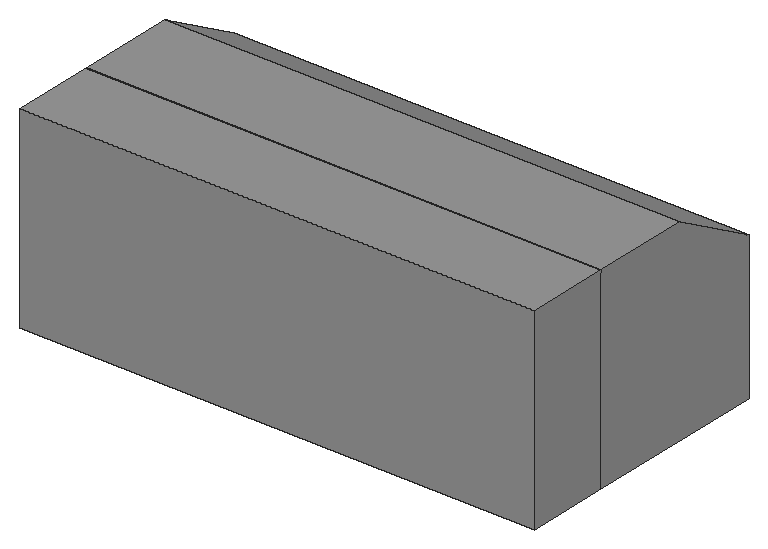
Revit family "PTAC", category Mechanical Equipment, host Wall, Revit 2019
Family settings
  Host = Wall
  Round Connector Dimension = Use Diameter
  Part Type = Normal
  OmniClass Number = 23.75.00.00
  OmniClass Title = Climate Control (HVAC)
  Always vertical = Yes
  Cut with Voids When Loaded = No
  Shared = No
  Room Calculation Point = No
Parameters (values of type "PTH093G")
  Width = 3' - 6"
  Model = "PTH093G"
  Manufacturer = "AMANA"
  Height AFF = 0' - 6"
Types (3): name | Model | Manufacturer
  PTH093G | "PTH093G" | "AMANA"
  9,000 BTU COOL 3KW HEAT | "PCNTW09K3C5T" | "Perfect Comfort"
  AMANA PTAC | "PMH093G35EXXX" | "AMANA"
Reference planes (in)
  plane 1: y = 0
  plane 2 "Center (Left/Right)": x = 0
  plane 3 "Wall Edge": y = 3
  plane 4 "Int Face": y = 18
  plane 5: z = 6
  plane 6: z = 22
  plane 7: x = 21
  plane 8: x = -21
  plane 9: y = -3.75
  plane 10 "rear face": y = -4.75
  plane 11: x = -16.5
  plane 12: x = 16.5
  plane 13: x = -1.5
  plane 14: x = 1.5
Forms (in)
  Extrusion 1, solid, material "Plastic, Opaque White"
    sketch origin (0, 0, 0) x (0, 1, 0) y (0, 0, 1)
      loop
        line (3, 6) -> (18, 6) -> (18, 18) -> (11, 22) -> (3, 22) -> (3, 6)
    from -21 to 21
  Extrusion 2, solid, material "Steel, Galvanized"
    sketch origin (0, 0, 0) x (0, 1, 0) y (0, 0, 1)
      loop
        line (3, 22) -> (-3.75, 22) -> (-3.75, 6) -> (3, 6) -> (3, 22)
    from -21 to 21
Lines and regions (in)
  Opening 1
    outline origin (-60, -3, 0) x (1, 0, 0) y (0, 0, 1)
      loop
        line (81, 22) -> (39, 22) -> (39, 6) -> (81, 6) -> (81, 22)
  model lines
    curve 1: line (19, 18, 7.5) -> (-19, 18, 7.5)
    curve 2: line (19, 18, 10.5) -> (-19, 18, 10.5)
    curve 3: line (19, 18, 13.5) -> (-19, 18, 13.5)
    curve 4: line (19, 18, 16.5) -> (-19, 18, 16.5)
  symbolic lines
    curve 5: line (-21, 3, 0) -> (-21, 18, 0)
    curve 6: line (-21, 18, 0) -> (21, 18, 0)
    curve 7: line (21, 18, 0) -> (21, 3, 0)
    curve 8: line (-21, 11, 0) -> (21, 11, 0)
    curve 9: line (-19, 17, 0) -> (19, 17, 0)
    curve 10: line (-19, 15.5, 0) -> (19, 15.5, 0)
    curve 11: line (-19, 14, 0) -> (19, 14, 0)
    curve 12: line (-19, 12.5, 0) -> (19, 12.5, 0)
Text (in)
  text "Placement Side" at (0, 22.0041, 123.01588), in view "Right"
  text "Placement Side" at (-70.3804, 28.46503, 0), in view "Ref. Level"
  text "Placement Side" at (0, 81.56103, 140.59947), in view "Left"
Dimensions and locks (in)
  locked: plane 3 "Wall Edge" to host wall
  plane 4 "Int Face" to plane 3 "Wall Edge" = 1' - 3"
  "Height AFF": level to plane 5
  locked: plane 5 to plane 6 at 16
  equal spacing: plane 7, plane 2 "Center (Left/Right)", plane 8
  "Width": plane 8 to plane 7
  plane 3 "Wall Edge" to plane 9 = 0' - 6 3/4"
  locked: plane 9 to plane 10 "rear face" at 1
  Extrusion 1 to Extrusion 1 = 1' - 4"
  aligned and locked: plane 6 to Opening 1 sketch curve
  aligned and locked: plane 8 to Opening 1 sketch curve
  aligned and locked: Opening 1 sketch curve to plane 7
  aligned and locked: Opening 1 sketch curve to plane 5
  aligned and locked: Extrusion 1 to plane 7
  aligned and locked: plane 8 to Extrusion 1
  aligned and locked: Extrusion 2 sketch curve to host wall
  aligned and locked: host wall to Extrusion 2 sketch curve
  aligned and locked: Extrusion 2 sketch curve to plane 5
  aligned and locked: Extrusion 2 sketch curve to plane 9
  aligned and locked: plane 8 to Extrusion 2
  aligned and locked: Extrusion 2 to plane 7
Automatic sketch dimensions
  plane 7 to curve 4 = 0' - 2"
  plane 7 to curve 2 = 0' - 2"
  plane 7 to curve 3 = 0' - 2"
  plane 7 to curve 1 = 0' - 2"
  curve 3 to plane 8 = 0' - 2"
  curve 2 to plane 8 = 0' - 2"
  curve 4 to plane 8 = 0' - 2"
  curve 1 to plane 8 = 0' - 2"
  plane 5 to curve 1 = 0' - 1 1/2"
  curve 1 to curve 2 = 0' - 3"
  curve 2 to curve 3 = 0' - 3"
  curve 3 to curve 4 = 0' - 3"
  curve 5 to plane 4 "Int Face" = 0' - 0"
  curve 5 to plane 8 = 0' - 0"
  curve 7 to plane 7 = 0' - 0"
  curve 7 to host wall = 0' - 0"
  curve 5 to host wall = 0' - 0"
  curve 12 to plane 8 = 0' - 2"
  curve 11 to curve 12 = 0' - 0"  (x2)
  curve 9 to plane 4 "Int Face" = 0' - 1"
  curve 9 to plane 8 = 0' - 2"
  curve 10 to curve 9 = 0' - 0"
  plane 7 to curve 12 = 0' - 2"
  plane 7 to curve 10 = 0' - 2"
  curve 9 to curve 10 = 0' - 0"
  host wall to curve 8 = 0' - 8"
  curve 8 to curve 12 = 0' - 1 1/2"
  curve 12 to curve 11 = 0' - 1 1/2"
  curve 10 to curve 9 = 0' - 1 1/2"
  Extrusion 1 sketch curve to plane 6 = 0' - 0"
  Extrusion 1 sketch curve to plane 4 "Int Face" = 0' - 0"
  Extrusion 1 sketch curve to plane 5 = 0' - 0"
  Extrusion 1 sketch curve to plane 6 = 0' - 4"
  host wall to Extrusion 1 sketch curve = 0' - 0"
  Extrusion 1 sketch curve to Extrusion 1 sketch curve = 0' - 8"
